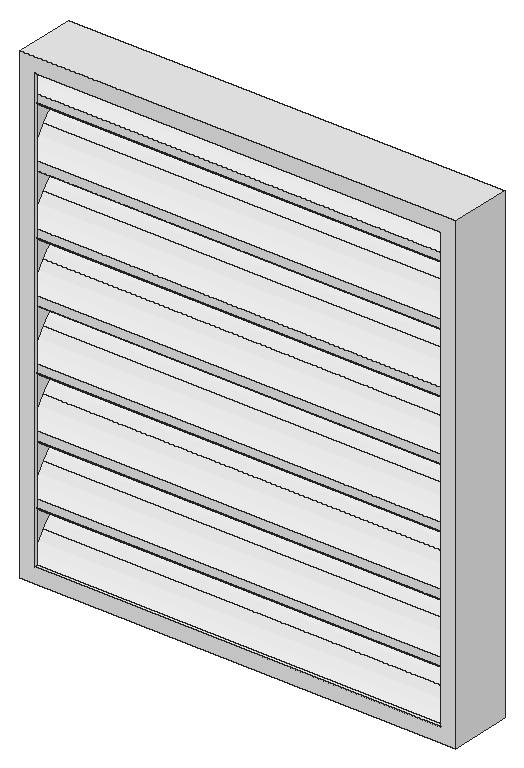
Revit family
Parameters (values of type "OHL-C-45")
  URL = "http://www.productspec.net/products/18503/holyoake-industries-ltd/small-blade-outside-horizontal-louvers-ohl-45.aspx"
  Type Comments = "45mm Horizontal Curved Profile Louvers in Channel Surround"
  Technical Data = "http://www.collate.co.nz/nas/TechnicalFiles/2367/p18502/F6-F7%20OHL45%2034.pdf"
  Ownership = "Holyoake Industries Limited"
  Overall Opening Width = Exact Neck Width - 12.00 mm * 2  # 336.00 mm
  Overall Opening Height = Exact Neck Height - 12.00 mm * 2  # 366.00 mm
  Blade Width = 44.80 mm
  Blade Setout = Exact Neck Height - 6.00 mm  # 384.00 mm
  Channel Thickness = 50.80 mm
  Nominal Width = 366.00 mm
  Nominal Height = 396.00 mm
  Model = "OHL-C-45"
  Manufacturer = "Holyoake Industries Limited"
  Keynote = ""
  Channel Width = 25.40 mm
  Exact Overall Channel Height = Nominal Height + 42.20 mm  # 438.20 mm
  Exact Overall Channel Width = Nominal Width + 42.20 mm  # 408.20 mm
  Exact Neck Width = Nominal Width - 6.00 mm  # 360.00 mm
  Exact Neck Height = Nominal Height - 6.00 mm  # 390.00 mm
  Description = "Holyoake Outside Horizontal Louver"
  Created By = "Productspec Limited"
  Frame & Blades = Aluminium
  Top Blade Height = Blade Setout - Blade Cut Setout  # 34.00 mm
  Blade Pitch = 50.00 mm
  Blade Offset = 3.00 mm
  Blade Length = Exact Neck Width - 6.00 mm  # 354.00 mm
  Blade Height = 61.60 mm
  Blade Cut Setout = Blade Count * Blade Pitch  # 350.00 mm
  Blade Count = Blade Array Count - 1  # 7
  Blade Array Count = Blade Setout / Blade Pitch  # 7.68
  Author = "Zinder Zhao"
  Accessories = "Aluminium Bird mesh or insect mesh (fibreglass)"
Reference planes
  plane 1 "Center (Front/Back)": y = 0
  plane 2: z = 3
  plane 3 "Center (Left/Right)": x = -3
  plane 4: x = -180
  plane 5: x = 174
  plane 6 "Overall Opening": z = 387
  plane 7: y = 50.8
  plane 8: z = 53
  plane 9: y = 3
  plane 10: x = -183
  plane 11: x = 177
  plane 12: x = 180
  plane 13: x = -186
  plane 14: z = 390
  plane 15: z = -3
  plane 16: z = 393
  plane 17: z = 195
  plane 18: z = 64.6
  plane 19 "Cut Blade Setout": z = 353
  plane 20: y = 47.8
  plane 21: x = 165
  plane 22: x = -171
  plane 23: z = 378
  plane 24: z = 12
  plane 25: z = 0
Forms (mm)
  Sweep 1, solid, material "Aluminium" <- "Frame & Blades", detail levels fine
    path origin (0, 0, 0) x (1, 0, 0) y (0, 0, 1)
      loop
        line (174, 3) -> (174, 387) -> (-180, 387) -> (-180, 3) -> (174, 3)
    profile origin (174, 0, 195) x (-1, 0, 0) y (0, -1, 0)
      loop
        line (-3, 0) -> (-3, -50.8) -> (9, -50.8) -> (9, -47.8) -> (0, -47.8) -> (0, -3) -> (9, -3) -> (9, 0) -> (-3, 0)
  Extrusion 2, solid, material "Aluminium" <- "Frame & Blades", detail levels coarse+medium
    sketch origin (0, 0, 0) x (1, 0, 0) y (0, 1, 0)
      loop
        line (-183, 50.8) -> (-183, 0) -> (177, 0) -> (177, 50.8) -> (-183, 50.8)
    from 0 to 390
Dimensions and locks
  equal spacing: plane 10, plane 3 "Center (Left/Right)", plane 11
  "Exact Neck Width": plane 10 to plane 11
  "Nominal Width": plane 13 to plane 12
  "Channel Thickness": plane 1 "Center (Front/Back)" to plane 7
  locked: plane 10 to plane 4 at 3
  locked: plane 13 to plane 10 at 3
  equal spacing: plane 14, plane 17, level
  "Exact Neck Height": plane 14 to level
  "Nominal Height": plane 16 to plane 15
  locked: plane 14 to plane 6 "Overall Opening" at 3
  locked: plane 16 to plane 14 at 3
  equal spacing: group 1, group 2, group 3, group 4, group 5, group 6, group 7  (x3)
  "Blade Cut Setout": plane 19 "Cut Blade Setout" to plane 2
  "Blade Length": plane 4 to plane 5
  "Blade Setout": plane 6 "Overall Opening" to plane 2
  "Overall Opening Width": plane 22 to plane 21
  "Overall Opening Height": plane 24 to plane 23
  locked: plane 21 to plane 11 at 12
  locked: plane 6 "Overall Opening" to plane 23 at 9
  "Blade Height": plane 18 to plane 2
  "Blade Pitch": plane 8 to plane 2
  "Blade Width": plane 20 to plane 9
  aligned and locked: plane 6 "Overall Opening" to Sweep 1 sketch curve
  aligned and locked: Sweep 1 sketch curve to plane 4
  aligned and locked: plane 5 to Sweep 1 sketch curve
  aligned and locked: Sweep 1 sketch curve to plane 2
  aligned and locked: plane 3 "Center (Left/Right)" to nested 1
  aligned and locked: plane 3 "Center (Left/Right)" to nested 5
  aligned and locked: plane 9 to Sweep 1 sketch curve
  aligned and locked: plane 11 to Sweep 1 sketch curve
  aligned and locked: plane 7 to Sweep 1 sketch curve
  aligned and locked: Sweep 1 sketch curve to plane 20
  aligned and locked: nested 5 to plane 9  (x2)
  aligned and locked: nested 1 to plane 9  (x2)
  aligned and locked: plane 2 to Sweep 1
  aligned and locked: plane 21 to Sweep 1 sketch curve  (x2)
  aligned and locked: plane 1 "Center (Front/Back)" to Sweep 1 sketch curve
  aligned and locked: Sweep 1 sketch curve to plane 5
  aligned and locked: level to plane 25
  aligned and locked: nested 5 to plane 19 "Cut Blade Setout"
  aligned and locked: nested 5 to plane 6 "Overall Opening"
  aligned and locked: nested 1 to plane 2
  aligned and locked: plane 18 to nested 1  (x2)
  aligned and locked: nested 2 to plane 8
  aligned and locked: nested 2 to plane 9
  aligned and locked: plane 20 to nested 1
  aligned and locked: plane 20 to nested 2
  aligned and locked: Extrusion 2 sketch curve to Sweep 1  (x3)
  aligned and locked: Sweep 1 to Extrusion 2 sketch curve
  aligned and locked: Extrusion 2 to plane 25
  aligned and locked: plane 14 to Extrusion 2
Nested families
  nested 1: "Holyoake_OutsideLouvre_OHL-45_Blade" at (-3, 3, 3), type "Holyoake_OutsideLouvre_OHL-45_Blade"
    with Length 354.00 mm
  nested 2: "Holyoake_OutsideLouvre_OHL-45_Blade" at (-3, 3, 53), type "Holyoake_OutsideLouvre_OHL-45_Blade"
    with Length 354.00 mm
  nested 3: "Holyoake_OutsideLouvre_OHL-45_Blade" at (-3, 3, 103), type "Holyoake_OutsideLouvre_OHL-45_Blade"
    with Length 354.00 mm
  nested 4: "Holyoake_OutsideLouvre_OHL-45_Blade" at (-3, 3, 153), type "Holyoake_OutsideLouvre_OHL-45_Blade"
    with Length 354.00 mm
  nested 5: "Holyoake_OutsideLouvre_OHL-45_BladeCutted" at (-3, 3, 353), type "OHL-45 BladeCutted"
    with Length 354.00 mm, Blade Cut Setout 34.00 mm
  nested 6: "Holyoake_OutsideLouvre_OHL-45_Blade" at (-3, 3, 203), type "Holyoake_OutsideLouvre_OHL-45_Blade"
    with Length 354.00 mm
  nested 7: "Holyoake_OutsideLouvre_OHL-45_Blade" at (-3, 3, 253), type "Holyoake_OutsideLouvre_OHL-45_Blade"
    with Length 354.00 mm
  nested 8: "Holyoake_OutsideLouvre_OHL-45_Blade" at (-3, 3, 303), type "Holyoake_OutsideLouvre_OHL-45_Blade"
    with Length 354.00 mm
Connectors
  hvac at (-3, 50.8, 195), driven by "Overall Opening Width", driven by "Overall Opening Height"
    settings: on Sweep 1, index 1
Definition of nested family "Holyoake_OutsideLouvre_OHL-45_Blade"
  Parameters (values of type "Holyoake_OutsideLouvre_OHL-45_Blade")
    URL = "http://www.holyoake.co.nz/407.0.html"
    Type Comments = "Outside Louvre Blade"
    Ownership = "Holyoake lndustries Limited"
    Model = "OHL-45 Blade"
    Manufacturer = "Holyoake lndustries Limited"
    Created by = "Productspec Limited"
    Length = 344.00 mm
    Blade = Aluminium
    Width = 44.80 mm
    Height = 61.60 mm
    Author = "Zinder Zhao"
    Assembly Code = ""
  Reference planes
    plane 1 "Center (Front/Back)": y = 0
    plane 2: z = 0
    plane 3 "Center (Left/Right)": x = 0
    plane 4: z = 61.6
    plane 5: x = 172
    plane 6: x = -172
    plane 7: y = 44.8
  Forms (mm)
    Sweep 1, solid, material "Aluminium" <- "Blade", detail levels fine
      path origin (0, 0, 0) x (1, 0, 0) y (0, 1, 0)
        loop
          line (-172, 0) -> (172, 0)
      profile "Holyoake_OutsideLouvre_OHL-45_Blade_profile : OHL- 45 Blade Profile" origin (0, 0, 0) x (0, 1, 0) y (0, 0, 1)
        loop
          line (0, 0.917) -> (0.917, 0) -> (2.756, 0) -> (1.3, 1.456) -> (1.3, 7.215)
          arc (1.3, 7.215) -> (10.573, 15.076) -> (17.749, 24.889) r 51.6
          arc (17.749, 24.889) -> (26.632, 34.09) -> (38.24, 39.461) r 34.8
          arc (38.24, 39.461) -> (40.016, 43.169) -> (36.8, 45.73) r 3.3
          arc (36.8, 45.73) -> (35.071, 46.725) -> (35.062, 48.719) r 2
          arc (35.062, 48.719) -> (39.684, 52.028) -> (44.8, 54.507) r 33.5
          line (44.8, 54.507) -> (44.8, 60.68) -> (43.88, 61.6) -> (42.042, 61.6) -> (43.5, 60.142) -> (43.5, 55.388)
          arc (43.5, 55.388) -> (38.55, 52.861) -> (34.066, 49.577) r 34.8
          arc (34.066, 49.577) -> (33.886, 46.182) -> (36.8, 44.43) r 3.3
          arc (36.8, 44.43) -> (38.736, 42.934) -> (37.775, 40.684) r 2
          arc (37.775, 40.684) -> (25.799, 35.093) -> (16.638, 25.566) r 36.1
          arc (16.638, 25.566) -> (9.399, 15.725) -> (0, 7.919) r 50.3
          line (0, 7.919) -> (0, 0.917)
  Dimensions and locks
    "Length": plane 6 to plane 5
    equal spacing: plane 6, plane 3 "Center (Left/Right)", plane 5
    "Height": plane 4 to plane 2
    "Width": plane 7 to plane 1 "Center (Front/Back)"
    aligned and locked: plane 1 "Center (Front/Back)" to Sweep 1 sketch curve
    aligned and locked: level to plane 2
    aligned and locked: Sweep 1 to plane 7
    aligned and locked: plane 1 "Center (Front/Back)" to Sweep 1
    aligned and locked: plane 4 to Sweep 1
    aligned and locked: Sweep 1 to plane 2
  Automatic sketch dimensions
    Sweep 1 sketch curve to plane 6 = 0.00 mm
    Sweep 1 sketch curve to plane 5 = 0.00 mm
Definition of nested family "Holyoake_OutsideLouvre_OHL-45_BladeCutted"
  Parameters (values of type "OHL-45 BladeCutted")
    URL = "http://www.holyoake.co.nz/407.0.html"
    Type Comments = "Outside Louvre Blade"
    Ownership = "Holyoake lndustries Limited"
    Model = "OHL-45 Blade"
    Manufacturer = "Holyoake lndustries Limited"
    Created by = "Productspec Limited"
    Length = 344.00 mm
    Blade Cut Setout = 44.00 mm
    Blade = Aluminium
    Width = 44.80 mm
    Height = 61.60 mm
    Author = "Zinder Zhao"
    Assembly Code = ""
  Reference planes
    plane 1 "Center (Front/Back)": y = 0
    plane 2: z = 0
    plane 3 "Center (Left/Right)": x = 0
    plane 4: z = 61.6
    plane 5: x = 172
    plane 6: x = -172
    plane 7: y = 44.8
    plane 8: z = 44
  Forms (mm)
    Sweep 1, solid, material "Aluminium" <- "Blade", detail levels fine
      path origin (0, 0, 0) x (1, 0, 0) y (0, 1, 0)
        loop
          line (-172, 0) -> (172, 0)
      profile "Holyoake_OutsideLouvre_OHL-45_Blade_profile : OHL- 45 Blade Profile" origin (0, 0, 0) x (0, 1, 0) y (0, 0, 1)
        loop
          line (0, 0.917) -> (0.917, 0) -> (2.756, 0) -> (1.3, 1.456) -> (1.3, 7.215)
          arc (1.3, 7.215) -> (10.573, 15.076) -> (17.749, 24.889) r 51.6
          arc (17.749, 24.889) -> (26.632, 34.09) -> (38.24, 39.461) r 34.8
          arc (38.24, 39.461) -> (40.016, 43.169) -> (36.8, 45.73) r 3.3
          arc (36.8, 45.73) -> (35.071, 46.725) -> (35.062, 48.719) r 2
          arc (35.062, 48.719) -> (39.684, 52.028) -> (44.8, 54.507) r 33.5
          line (44.8, 54.507) -> (44.8, 60.68) -> (43.88, 61.6) -> (42.042, 61.6) -> (43.5, 60.142) -> (43.5, 55.388)
          arc (43.5, 55.388) -> (38.55, 52.861) -> (34.066, 49.577) r 34.8
          arc (34.066, 49.577) -> (33.886, 46.182) -> (36.8, 44.43) r 3.3
          arc (36.8, 44.43) -> (38.736, 42.934) -> (37.775, 40.684) r 2
          arc (37.775, 40.684) -> (25.799, 35.093) -> (16.638, 25.566) r 36.1
          arc (16.638, 25.566) -> (9.399, 15.725) -> (0, 7.919) r 50.3
          line (0, 7.919) -> (0, 0.917)
    Extrusion 2, void
      sketch origin (0, 0, 0) x (1, 0, 0) y (0, 1, 0)
        loop
          line (-172, 44.8) -> (-172, 0) -> (172, 0) -> (172, 44.8) -> (-172, 44.8)
      from 44 to 85.613
  Cuts and joins
    Extrusion 2 cuts Sweep 1
  Dimensions and locks
    "Length": plane 6 to plane 5
    equal spacing: plane 6, plane 3 "Center (Left/Right)", plane 5
    "Height": plane 4 to plane 2
    "Width": plane 7 to plane 1 "Center (Front/Back)"
    "Blade Cut Setout": plane 8 to plane 2
    aligned and locked: plane 1 "Center (Front/Back)" to Sweep 1 sketch curve
    aligned and locked: level to plane 2
    aligned and locked: Sweep 1 to plane 7
    aligned and locked: plane 1 "Center (Front/Back)" to Sweep 1
    aligned and locked: plane 4 to Sweep 1
    aligned and locked: Sweep 1 to plane 2
    aligned and locked: Sweep 1 to Extrusion 2 sketch curve
    aligned and locked: Extrusion 2 sketch curve to Sweep 1  (x2)
    aligned and locked: Extrusion 2 sketch curve to plane 1 "Center (Front/Back)"
    aligned and locked: cut or joined group of Sweep 1, Extrusion 2 to plane 8
  Automatic sketch dimensions
    Sweep 1 sketch curve to plane 6 = 0.00 mm
    Sweep 1 sketch curve to plane 5 = 0.00 mm
